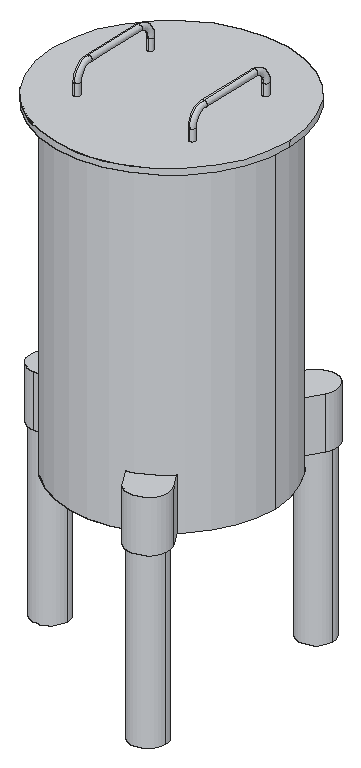
Revit family "M_Reservatório de mistura - Inferior plano", category Equipamento mecânico, Revit 2019
Family settings
  Cota do conector redondo = Usar raio
  Tipo de parte = Normal
  Número OmniClass = 23.15.30.27.11
  Título OmniClass = Tanks, Reservoirs
  ID de item do Seek = Mixing Tank - Dish Bottom-0000-CAN-ENU
  Com base no plano de trabalho = Não
  Sempre na vertical = Sim
  Corte com vazios quando carregada = Não
  Compartilhado = Não
  Ponto de cálculo do ambiente = Não
Parameters (values of type "114 L")
  Material do reservatório = none
  Raio do reservatório = 229 mm
  Altura do reservatório = 737 mm
  Queda de pressão [instance] = 68900.0 Pa
  Raio da saída = 25 mm
  Diâmetro da saída = Raio da saída * 2  # 50 mm
  Material da perna = none
  Deslocamento vertical da perna = Deslocamento da perna * sin(60.00°)  # 231.229 mm
  Deslocamento horizontal da perna = Deslocamento da perna * cos(60.00°)  # 133.5 mm
  Deslocamento da perna = Raio do reservatório + 38 mm  # 267 mm
  Altura da perna = 384 mm
  Comprimento do corrimão = 203 mm
  Distância do corrimão = 254 mm
  Fluxo [instance] = 0.63 L/s
  Raio da cobertura = Raio do reservatório + 32 mm  # 261 mm
  Raio inferior = Raio do reservatório * 2  # 458 mm
  Altura inferior = 2 * Raio do reservatório * (1 - cos(30.00°))  # 61.36 mm
Types (8, lengths in mm): name | Raio do reservatório | Altura do reservatório | Raio da saída | Diâmetro da saída | Deslocamento vertical da perna | Deslocamento horizontal da perna | Deslocamento da perna | Altura da perna | Comprimento do corrimão | Distância do corrimão | Raio da cobertura | Raio inferior | Altura inferior
  (no name) | 229 | 737 | 25 | 50 | 231.229 | 133.5 | 267 | 384 | 203 | 254 | 261 | 458 | 61.36
  114 L | 229 | 737 | 25 | 50 | 231.229 | 133.5 | 267 | 384 | 203 | 254 | 261 | 458 | 61.36
  209 L | 289 | 889 | 25 | 50 | 283.19 | 163.5 | 327 | 401 | 305 | 305 | 321 | 578 | 77.437
  380 L | 387 | 889 | 25 | 50 | 368.061 | 212.5 | 425 | 422 | 305 | 457 | 419 | 774 | 103.696
  760 L | 483 | 1188 | 50 | 100 | 451.199 | 260.5 | 521 | 453 | 406 | 610 | 515 | 966 | 129.419
  950 L | 660 | 1486 | 50 | 100 | 604.486 | 349 | 698 | 510 | 406 | 813 | 692 | 1320 | 176.846
  1140 L | 927 | 1778 | 50 | 100 | 835.715 | 482.5 | 965 | 572 | 406 | 1067 | 959 | 1854 | 248.389
  1520 L | 1105 | 1778 | 50 | 100 | 989.867 | 571.5 | 1143 | 621 | 406 | 1321 | 1137 | 2210 | 296.084
Reference planes
  plane 1 "Centro (Frente/Trás)": y = 0
  plane 2: z = 0
  plane 3 "Centro (Esquerda/Direita)": x = 0
  plane 4 "Parte superior da curva": z = 384
  plane 5: z = 1121
  plane 6: z = 1108.3
  plane 7 "Esquerda do corrimão": x = -127
  plane 8 "Direita do corrimão": x = 127
  plane 9: y = 101.5
  plane 10: y = -101.5
  plane 11: z = 1178.15
  plane 12 "Parte inferior da curva": z = 322.64
  plane 13: z = 293.271
  plane 14: x = -267
  plane 15: y = 231.229
  plane 16: y = -231.229
  plane 17: x = 133.5
  plane 18: z = 498.475
  plane 19: y = 44.45
  plane 20: y = -44.45
  plane 21: x = -229
Forms (mm)
  Extrusion 1, solid, material <- "Material do reservatório", detail levels medium+fine
    sketch origin (0, 0, 0) x (1, 0, 0) y (0, 1, 0)
      loop
        circle (0, 0) r 261
    from 1108.3 to 1121
  Extrusion 2, solid, material <- "Material do reservatório"
    sketch origin (0, 0, 0) x (1, 0, 0) y (0, 1, 0)
      loop
        circle (0, 0) r 229
    from 384 to 1108.3
  Sweep 3, solid, material <- "Material do reservatório", detail levels medium+fine
    path origin (-127, 0, 0) x (0, 1, 0) y (0, 0, 1)
      loop
        line (101.5, 1121) -> (101.5, 1146.4)
        arc (101.5, 1146.4) -> (92.201, 1168.851) -> (69.75, 1178.15) r 31.75
        line (69.75, 1178.15) -> (-69.75, 1178.15)
        arc (-69.75, 1178.15) -> (-92.201, 1168.851) -> (-101.5, 1146.4) r 31.75
        line (-101.5, 1146.4) -> (-101.5, 1121)
    profile origin (-127, 101.5, 1133.7) x (0, -1, 0) y (1, 0, 0)
      loop
        circle (0, 0) r 6.35
  Sweep 4, solid, material <- "Material do reservatório", detail levels medium+fine
    path origin (127, 0, 0) x (0, 1, 0) y (0, 0, 1)
      loop
        line (101.5, 1121) -> (101.5, 1146.4)
        arc (101.5, 1146.4) -> (92.201, 1168.851) -> (69.75, 1178.15) r 31.75
        line (69.75, 1178.15) -> (-69.75, 1178.15)
        arc (-69.75, 1178.15) -> (-92.201, 1168.851) -> (-101.5, 1146.4) r 31.75
        line (-101.5, 1146.4) -> (-101.5, 1121)
    profile origin (127, 101.5, 1133.7) x (0, -1, 0) y (1, 0, 0)
      loop
        circle (0, 0) r 6.35
  Extrusion 5, solid, material <- "Material do reservatório"
    sketch origin (0, 0, 0) x (1, 0, 0) y (0, 1, 0)
      loop
        circle (0, 0) r 25
    from 293.271 to 384
  Extrusion 6, solid, material <- "Material da perna"
    sketch origin (0, 0, 384) x (-1, 0, 0) y (0, -1, 0)
      loop
        circle (267, 0) r 38.1
      loop
        circle (-133.5, -231.229) r 38.1
      loop
        circle (-133.5, 231.229) r 38.1
    from -384 to 0
  Extrusion 7, solid, material <- "Material da perna"
    sketch origin (0, 0, 384) x (-1, 0, 0) y (0, -1, 0)
      loop
        arc (267, -44.45) -> (311.45, 0) -> (267, 44.45) r 44.45
        line (267, 44.45) -> (226.341, 44.45)
        arc (226.341, 44.45) -> (230.665, 0) -> (226.341, -44.45) r 230.665
        line (226.341, -44.45) -> (267, -44.45)
    from 0 to 114.475
  Extrusion 8, solid, material <- "Material da perna"
    sketch origin (0, 0, 384) x (-1, 0, 0) y (0, -1, 0)
      loop
        line (-95.005, -253.454) -> (-74.676, -218.242)
        arc (-74.676, -218.242) -> (-115.332, -199.761) -> (-151.665, -173.792) r 230.665
        line (-151.665, -173.792) -> (-171.995, -209.004)
        arc (-171.995, -209.004) -> (-155.725, -269.724) -> (-95.005, -253.454) r 44.45
    from 0 to 114.475
  Extrusion 9, solid, material <- "Material da perna"
    sketch origin (0, 0, 384) x (-1, 0, 0) y (0, -1, 0)
      loop
        arc (-95.005, 253.454) -> (-155.725, 269.724) -> (-171.995, 209.004) r 44.45
        line (-171.995, 209.004) -> (-150.817, 172.323)
        arc (-150.817, 172.323) -> (-114.5, 198.32) -> (-73.827, 216.773) r 229
        line (-73.827, 216.773) -> (-95.005, 253.454)
    from 0 to 114.475
  Revolve 10, solid, material <- "Material do reservatório"
    sketch origin (0, 0, 0) x (1, 0, 0) y (0, 0, 1)
      loop
        line (0, 322.64) -> (0, 384) -> (-229, 384)
        arc (-229, 384) -> (-118.539, 338.246) -> (0, 322.64) r 458
      axis (0, 322.64) -> (0, 384)
    angle from 0 to 360
Cuts and joins
  joined: Extrusion 7, Extrusion 8, Extrusion 9
  joined: Sweep 3, Sweep 4
  joined: Extrusion 5, Revolve 10
Lines and regions (mm)
  reference lines
    curve 1: line (133.5, 231.229, 384) -> (0, 0, 384)
    curve 2: line (0, 0, 384) -> (133.5, -231.229, 384)
    curve 3: line (-117.72, -114.997, 384) -> (95.005, 253.454, 384)
    curve 4: line (124.37, 126.515, 384) -> (-88.355, -241.936, 384)
    curve 5: line (95.005, -253.454, 384) -> (-165.345, 197.486, 384)
    curve 6: line (-69.305, 208.94, 384) -> (171.995, -209.004, 384)
Dimensions and locks
  "Altura da perna": plane 4 "Parte superior da curva" to plane 2
  "Altura do reservatório": plane 5 to plane 4 "Parte superior da curva"
  locked: plane 5 to plane 6 at 12.7
  "Distância do corrimão": plane 7 "Esquerda do corrimão" to plane 8 "Direita do corrimão"
  equal spacing: plane 7 "Esquerda do corrimão", plane 3 "Centro (Esquerda/Direita)", plane 8 "Direita do corrimão"
  equal spacing: plane 9, plane 1 "Centro (Frente/Trás)", plane 10
  "Comprimento do corrimão": plane 9 to plane 10
  locked: plane 11 to plane 5 at 57.15
  "Altura inferior": plane 4 "Parte superior da curva" to plane 12 "Parte inferior da curva"
  locked: plane 12 "Parte inferior da curva" to plane 13 at 29.369
  "Deslocamento da perna": plane 14 to plane 3 "Centro (Esquerda/Direita)"
  "Deslocamento vertical da perna": plane 15 to plane 1 "Centro (Frente/Trás)"
  "Deslocamento vertical da perna": plane 16 to plane 1 "Centro (Frente/Trás)"
  "Deslocamento horizontal da perna": plane 3 "Centro (Esquerda/Direita)" to plane 17
  plane 19 to plane 1 "Centro (Frente/Trás)" to plane 20 = 44.45 mm locked, 44.45 mm locked
  locked: curve 2 to curve 5 at 44.45
  locked: curve 1 to curve 3 at 44.45
  locked: curve 1 to curve 4 at 44.45
  locked: curve 2 to curve 6 at 44.45
  "Raio do reservatório": plane 3 "Centro (Esquerda/Direita)" to plane 21
  "Raio da cobertura": radius of Extrusion 1 sketch curve
  "Raio do reservatório": radius of Extrusion 2 sketch curve
  radius of Sweep 4 sketch curve = 6.35 mm
  "Raio da saída": radius of Extrusion 5 sketch curve
  radius of Extrusion 6 sketch curve = 38.1 mm  (x3)
  radius of Extrusion 8 sketch curve = 44.45 mm
  radius of Extrusion 9 sketch curve = 44.45 mm
  "Raio do reservatório": radius of Extrusion 9 sketch curve
  "Raio inferior": radius of Revolve 10 sketch curve
  locked: curve 3 to plane 3 "Centro (Esquerda/Direita)" (angle 30.00°)
  locked: plane 3 "Centro (Esquerda/Direita)" to curve 5 (angle 30.00°)
  angle plane 1 "Centro (Frente/Trás)" to curve 4 = 60.00°
  locked: curve 6 to plane 1 "Centro (Frente/Trás)" (angle 60.00°)
  aligned and locked: plane 1 "Centro (Frente/Trás)" to Extrusion 1 sketch curve
  aligned and locked: plane 3 "Centro (Esquerda/Direita)" to Extrusion 1 sketch curve
  aligned and locked: plane 5 to Extrusion 1
  aligned and locked: Extrusion 1 to plane 6
  aligned and locked: plane 1 "Centro (Frente/Trás)" to Extrusion 2 sketch curve
  aligned and locked: plane 3 "Centro (Esquerda/Direita)" to Extrusion 2 sketch curve
  aligned and locked: Extrusion 2 to plane 4 "Parte superior da curva"
  aligned and locked: Sweep 3 sketch curve to plane 9
  aligned and locked: Sweep 3 sketch curve to plane 11
  aligned and locked: plane 10 to Sweep 3 sketch curve
  aligned and locked: Sweep 4 sketch curve to plane 9
  aligned and locked: Sweep 4 sketch curve to plane 11
  aligned and locked: plane 10 to Sweep 4 sketch curve
  aligned and locked: plane 1 "Centro (Frente/Trás)" to Extrusion 5 sketch curve
  aligned and locked: plane 3 "Centro (Esquerda/Direita)" to Extrusion 5 sketch curve
  aligned and locked: Extrusion 5 to plane 13
  aligned and locked: plane 1 "Centro (Frente/Trás)" to Extrusion 6 sketch curve
  aligned and locked: plane 14 to Extrusion 6 sketch curve
  aligned and locked: plane 17 to Extrusion 6 sketch curve  (x2)
  aligned and locked: plane 15 to Extrusion 6 sketch curve
  aligned and locked: plane 16 to Extrusion 6 sketch curve
  aligned and locked: Extrusion 6 to plane 2
  aligned and locked: plane 4 "Parte superior da curva" to Extrusion 6
  aligned and locked: plane 15 to curve 1
  aligned and locked: plane 3 "Centro (Esquerda/Direita)" to curve 1
  aligned and locked: plane 16 to curve 2
  aligned and locked: plane 20 to Extrusion 7 sketch curve
  aligned and locked: plane 1 "Centro (Frente/Trás)" to Extrusion 7 sketch curve  (x2)
  aligned and locked: plane 14 to Extrusion 7 sketch curve
  aligned and locked: plane 3 "Centro (Esquerda/Direita)" to Extrusion 7 sketch curve
  aligned and locked: Extrusion 7 to plane 4 "Parte superior da curva"
  aligned and locked: plane 18 to Extrusion 7
  aligned and locked: Extrusion 8 to plane 4 "Parte superior da curva"
  aligned and locked: plane 18 to Extrusion 8
  aligned and locked: Extrusion 8 sketch curve to curve 3
  aligned and locked: plane 1 "Centro (Frente/Trás)" to Extrusion 8 sketch curve
  aligned and locked: plane 3 "Centro (Esquerda/Direita)" to Extrusion 8 sketch curve
  aligned and locked: Extrusion 8 sketch curve to curve 4
  aligned and locked: plane 16 to Extrusion 9 sketch curve
  aligned and locked: plane 1 "Centro (Frente/Trás)" to Extrusion 9 sketch curve
  aligned and locked: plane 3 "Centro (Esquerda/Direita)" to Extrusion 9 sketch curve
  aligned and locked: Extrusion 9 sketch curve to curve 5
  aligned and locked: Extrusion 9 to plane 4 "Parte superior da curva"
  aligned and locked: plane 18 to Extrusion 9
  aligned and locked: Extrusion 9 sketch curve to curve 6
  aligned and locked: plane 6 to Extrusion 2
  aligned and locked: plane 12 "Parte inferior da curva" to Revolve 10 sketch curve
  aligned and locked: plane 3 "Centro (Esquerda/Direita)" to Revolve 10 sketch curve
  aligned and locked: plane 4 "Parte superior da curva" to Extrusion 5
Automatic sketch dimensions
  Sweep 3 sketch curve to plane 5 = 0 mm  (x2)
  plane 5 to Sweep 3 sketch curve = 25.4 mm  (x2)
  Sweep 3 sketch curve to plane 7 "Esquerda do corrimão" = 0 mm
  Sweep 3 sketch curve to profile plane = 0 mm
  Sweep 4 sketch curve to plane 5 = 0 mm  (x2)
  plane 5 to Sweep 4 sketch curve = 25.4 mm  (x2)
  Sweep 4 sketch curve to plane 8 "Direita do corrimão" = 0 mm
  Sweep 4 sketch curve to profile plane = 0 mm
  plane 14 to Extrusion 7 sketch curve = 40.659 mm
  Extrusion 8 sketch curve to plane 15 = 0 mm
  Extrusion 8 sketch curve to plane 15 = 22.225 mm
  plane 15 to Extrusion 8 sketch curve = 22.225 mm
  Extrusion 8 sketch curve to plane 15 = 12.987 mm
  curve 1 to plane 17 = 0 mm
  curve 2 to plane 17 = 0 mm
  plane 16 to curve 6 = 22.225 mm
  curve 4 to plane 17 = 9.13 mm
  plane 15 to curve 3 = 22.225 mm
  curve 5 to plane 16 = 22.225 mm
  plane 16 to Extrusion 9 sketch curve = 22.225 mm
  Extrusion 9 sketch curve to plane 16 = 22.225 mm
  Revolve 10 sketch curve to plane 4 "Parte superior da curva" = 0 mm  (x2)
  Revolve 10 sketch curve to plane 3 "Centro (Esquerda/Direita)" = 0 mm
  plane 12 "Parte inferior da curva" to Revolve 10 sketch curve = 0 mm
  radius of Sweep 3 sketch curve = 6.35 mm
Connectors
  piping at (0, 0, 293.271), diameter 50, driven by "Raio da saída", driven by "Fluxo", driven by "Queda de pressão"
    settings: on Extrusion 5, index 1, connector inside diameter 50 mm, connector length 0 mm, flow factor 0, pipe flow 0.63 L/s, pressure drop 68900.0 Pa, fitting loss kfactor 0, connector angle 0.00°, fixture units 0, engagement length 0 mm, angle of deflection 0.00°, flow configuration 0, flow direction 2, fitting loss method 4, system type 29, joint type 0, gender type 0, connector reference index -1, connector utility 0, adjustable connector no, is connector primary yes, connector description "Saída do reservatório"
